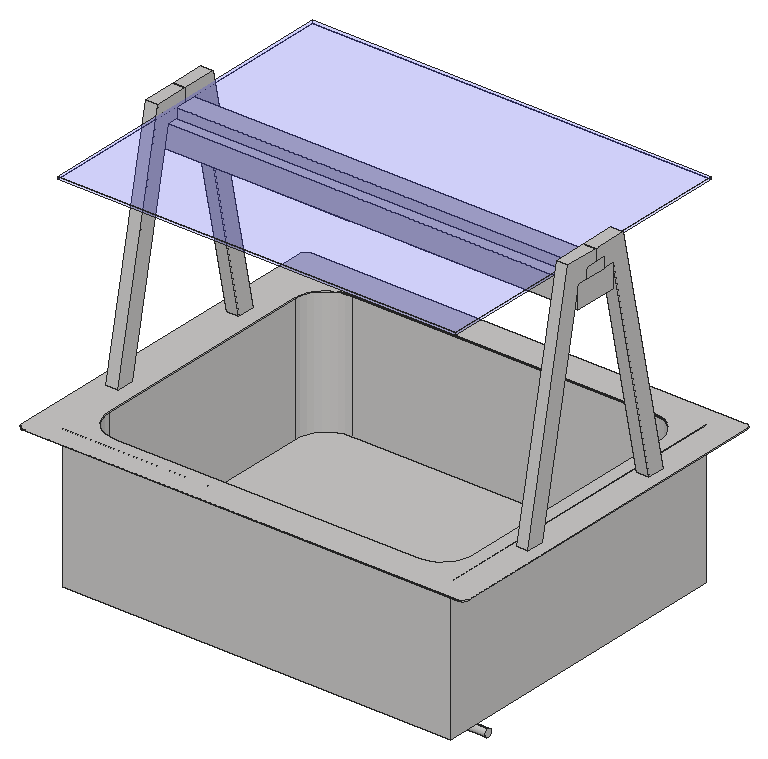
Revit family "QF_ELECTROLUXPROFESSIONAL_CC0HN1_CC0HN1", category Specialty Equipment, Revit 2023
Family settings
  Round Connector Dimension = Use Diameter
  Part Type = Normal
  Work Plane-Based = No
  Enable Cutting in Views = No
  Always vertical = Yes
  Cut with Voids When Loaded = No
  Maintain Annotation Orientation = No
  Shared = No
  Room Calculation Point = No
Parameters (values of type "Standard")
  Weight = 37.36 kg
  Watts = 0 W
  Volts = 220 V
  URL Manufacturer = "http://www.electroluxprofessional.com"
  URL = "http://www.electroluxprofessional.com"
  Steam Supply Size = 0 mm
  Steam Supply Minimum Pressure = 0.0 Pa
  Steam Supply Maximum Pressure = 0.0 Pa
  Steam Consumption per Hour = 0
  Refrigeration Suction Line Size = 0 mm
  Refrigeration Liquid Line Size = 0 mm
  Refrigerant Compressor Remote = yes
  Default Elevation = 0 mm
  Manufacturer = "Electrolux Professional"
  Phase = 1
  Model = "CC0HN1"
  Length Actual = 770 mm
  Item Number = "CC0HN1"
  Hot Water Size = 0 mm
  Height Actual = 664 mm
  HP = "2.7 HP"
  Gas Size = 0 mm
  Gas KW = 0
  Gas Input Pressure = 0 W
  Direct Waste Size = 25.4 mm
  Description = "DROP-IN BAIN-MARIE, WATER, SINGLE WELL, 2GN WITH A TYPE OVERSHELF AND HALOGEN LAMP"
  Depth Actual = 620 mm
  Cycle = 50 Hz
  Condensate Return Size = 0 mm
  Compressed Air Volume = 0.0 L/s
  Compressed Air Size = 0 mm
  Compressed Air Pressure = 0.0 Pa
  Cold Water Size = 12.7 mm
  Accessory = no
Reference planes
  plane 1 "BACK": y = 0
  plane 2: z = 5.426
  plane 3 "LEFT": x = 0
  plane 4: y = -620
  plane 5: z = 409.426
  plane 6: y = -310
Forms (mm)
  Extrusion 1, solid, material "QF_Finishes_Stainless Steel"
    sketch origin (-650, 0, 5.426) x (1, 0, 0) y (0, 1, 0)
      loop
        arc (660, 0) -> (652.929, -2.929) -> (650, -10) r 10
        line (650, -10) -> (650, -610)
        arc (650, -610) -> (652.929, -617.071) -> (660, -620) r 10
        line (660, -620) -> (1410, -620)
        arc (1410, -620) -> (1417.071, -617.071) -> (1420, -610) r 10
        line (1420, -610) -> (1420, -10)
        arc (1420, -10) -> (1417.071, -2.929) -> (1410, 0) r 10
        line (1410, 0) -> (660, 0)
    from 0 to 1
  Extrusion 2, solid, material "QF_Finishes_Stainless Steel"
    sketch origin (0, 0, 12.548) x (1, 0, 0) y (0, 1, 0)
      loop
        line (50, -35) -> (50, -585) -> (720, -585) -> (720, -35) -> (50, -35)
    from -251.122 to -7.122
  Extrusion 3, void
    sketch origin (0, 0, -2.817) x (1, 0, 0) y (0, 1, 0)
      loop
        arc (125, -55) -> (86.109, -71.109) -> (70, -110) r 55
        line (70, -110) -> (70, -510)
        arc (70, -510) -> (86.109, -548.891) -> (125, -565) r 55
        line (125, -565) -> (644.507, -565)
        arc (644.507, -565) -> (683.398, -548.891) -> (699.507, -510) r 55
        line (699.507, -510) -> (699.507, -110)
        arc (699.507, -110) -> (683.398, -71.109) -> (644.507, -55) r 55
        line (644.507, -55) -> (125, -55)
    from -209.107 to 9.244
  Extrusion 4, solid, material "QF_Finishes_Stainless Steel"
    sketch origin (21.5, -620, 0) x (0, -1, 0) y (0, 0, -1)
      loop
        line (-310, -409.426) -> (-250.873, -409.426) -> (-165, -5.426) -> (-195, -5.426) -> (-272.583, -370.426) -> (-310, -370.426) -> (-310, -409.426)
    from 0 to 20
  Extrusion 5, solid, material "QF_Finishes_Stainless Steel"
    sketch origin (21.5, 0, 0) x (0, 1, 0) y (0, 0, 1)
      loop
        line (-310, 409.426) -> (-310, 370.426) -> (-272.583, 370.426) -> (-195, 5.426) -> (-165, 5.426) -> (-250.873, 409.426) -> (-310, 409.426)
    from 0 to 20
  Extrusion 6, solid, material "QF_Finishes_Stainless Steel"
    sketch origin (749, -620, 0) x (0, -1, 0) y (0, 0, 1)
      loop
        line (-310, 409.426) -> (-310, 370.426) -> (-272.583, 370.426) -> (-195, 5.426) -> (-165, 5.426) -> (-250.873, 409.426) -> (-310, 409.426)
    from 0 to 20
  Extrusion 7, solid, material "QF_Finishes_Stainless Steel"
    sketch origin (749, 0, 0) x (0, 1, 0) y (0, 0, -1)
      loop
        line (-310, -409.426) -> (-250.873, -409.426) -> (-165, -5.426) -> (-195, -5.426) -> (-272.583, -370.426) -> (-310, -370.426) -> (-310, -409.426)
    from 0 to 20
  Extrusion 8, solid, material "QF_Finishes_Stainless Steel"
    sketch origin (0, 0, 0) x (0, 1, 0) y (0, 0, 1)
      loop
        line (-291.292, 370.426) -> (-291.292, 387.956) -> (-328.917, 387.956) -> (-328.917, 370.426) -> (-291.292, 370.426)
    from 21.5 to 749
  Extrusion 9, solid, material "Vetro"
    sketch origin (-15.44, 0, 5.426) x (1, 0, 0) y (0, 1, 0)
      loop
        line (56.94, -35) -> (56.94, -585) -> (744.44, -585) -> (744.44, -35) -> (56.94, -35)
    from 382.529 to 387.529
  Extrusion 10, solid, material "QF_Finishes_Stainless Steel"
    sketch origin (282.889, -331.346, -643.387) x (0, 0, -1) y (0, 1, 0)
      loop
        circle (-372.814, -140.692) r 12.7
    from 5 to 70.307
  Extrusion 11, solid, material "QF_Finishes_Stainless Steel"
    sketch origin (0, 0, 0) x (0, 1, 0) y (0, 0, 1)
      loop
        line (-272.583, 370.426) -> (-347.583, 370.426) -> (-347.583, 330.426) -> (-272.583, 330.426) -> (-272.583, 370.426)
    from 21.5 to 749
  Extrusion 12, solid, material "QF_Finishes_Stainless Steel"
    sketch origin (34.947, 0, 0) x (0, 1, 0) y (0, 0, 1)
      loop
        line (-280.414, 330.426) -> (-340.414, 330.426) -> (-340.414, 325.426) -> (-280.414, 325.426) -> (-280.414, 330.426)
    from 113.553 to 313.553
  Extrusion 13, solid, material "QF_Finishes_Stainless Steel"
    sketch origin (769.053, 0, 0) x (0, 1, 0) y (0, 0, -1)
      loop
        line (-280.414, -330.426) -> (-280.414, -325.426) -> (-340.414, -325.426) -> (-340.414, -330.426) -> (-280.414, -330.426)
    from 113.553 to 313.553
  Extrusion 14, solid, material "QF_Finishes_Stainless Steel"
    sketch origin (-46, 10, 5.426) x (1, 0, 0) y (0, 1, 0)
      loop
        circle (386.025, -481.971) r 12.675
    from -276 to -244
  Extrusion 15, solid, material "QF_Finishes_Stainless Steel"
    sketch origin (736.957, -635.692, -643.387) x (0, 0, -1) y (0, -1, 0)
      loop
        circle (-372.814, -140.692) r 6.35
    from 24.768 to 70.307
  Extrusion 16, solid, material "QF_Finishes_Stainless Steel"
    sketch origin (1059.025, -976.971, 5.426) x (-1, 0, 0) y (0, -1, 0)
      loop
        circle (386.025, -481.971) r 6.35
    from -276 to -244
Cuts and joins
  Extrusion 3 cuts Extrusion 1
  Extrusion 3 cuts Extrusion 2
Dimensions and locks
  equal spacing: Extrusion 1, Extrusion 2 sketch curve, Extrusion 2 sketch curve, Extrusion 1  (x2)
  Extrusion 1 to Extrusion 1 = 770 mm
  Extrusion 1 to plane 1 "BACK" = 620 mm
  equal spacing: Extrusion 2, Extrusion 3 sketch curve, Extrusion 3 sketch curve, Extrusion 2  (x2)
  plane 5 to plane 2 = 404 mm
  Extrusion 11 sketch curve to cut or joined group of Extrusion 1, Extrusion 3 = 324 mm
  aligned and locked: level to plane 2
Connectors
  piping at (287.889, -472.038, -270.574), diameter 25.4
    settings: on Extrusion 10, index 5, connector inside diameter 609.6 mm, connector length 0 mm, flow factor 0, pipe flow 0.0 L/s, pressure drop 0.0 Pa, fitting loss kfactor 0, connector angle 0.00°, fixture units 0, engagement length 0 mm, angle of deflection 0.00°, flow configuration 0, flow direction 0, fitting loss method 0, system type 29, joint type 0, gender type 0, connector reference index -1, connector utility 0, adjustable connector no, is connector primary yes, connector description "D"
  piping at (712.188, -495, -270.574), diameter 12.7
    settings: on Extrusion 15, index 6, connector inside diameter 609.6 mm, connector length 0 mm, flow factor 0, pipe flow 0.0 L/s, pressure drop 0.0 Pa, fitting loss kfactor 0, connector angle 0.00°, fixture units 0, engagement length 0 mm, angle of deflection 0.00°, flow configuration 0, flow direction 0, fitting loss method 0, system type 29, joint type 0, gender type 0, connector reference index -1, connector utility 0, adjustable connector no, is connector primary no, connector description "WI"
